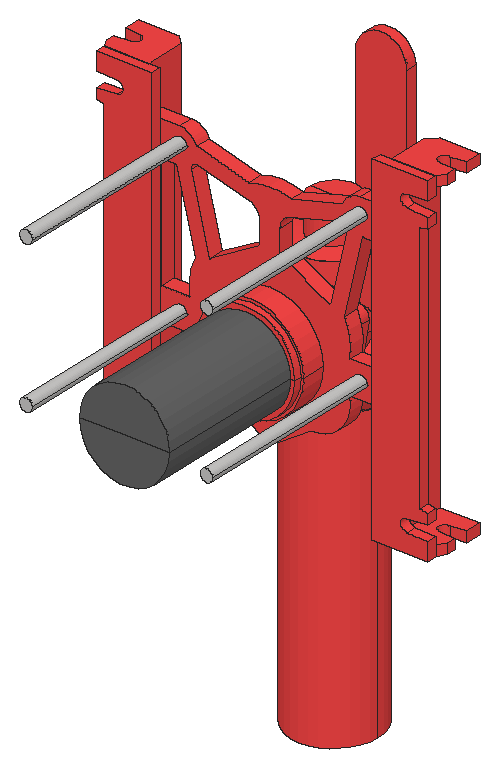
Revit family
Parameters (values of type "2" Vent - 4" Pipe")
  Vertical Pipe Nominal Radius = 2"
  Vertical Pipe Nominal Diameter = Vertical Pipe Nominal Radius * 2  # 4"
  Vent Nominal Radius = 1"
  Vent Nominal Diameter = Vent Nominal Radius * 2  # 2"
  Vent Flow = 0 GPM
  URL = "http://wadedrains.com/"
  Type Comments = ""
  Slope Adjustment = yes
  Side Waste Inlet Standard Radius = 2"
  Side Waste Inlet Standard Diameter = Side Waste Inlet Standard Radius * 2  # 4"
  Rough-In Height [instance] = 0' - 6 1/2"
  Plastic Nipple Material = Plastic - Tyler Pipe - Black
  Plastic Nipple Length = 0' - 7 1/2"
  Pipe Material = Metal - Tyler Pipe - Cast Iron
  Operating Weight = 135.00 lbf
  Model = "350-N2"
  Manufacturer = "Tyler Pipe / Wade Division"
  Main Out Flush = Flush Flow 1 + Vent Flow  # 0 GPM
  Flush Flow 1 = 0 GPM
  Description = "No-Hub vertical fixed single water closet carrier with universal foot supports, rear anchor foot, ABS plastic closet coupling with O-ring seal, fixture support studs, chrome plated cap nuts, neoprene bowl gasket, integral test cap and stud protectors. Conforms to ASME A112.6.1M (Up to 300Lbs.)"
  Bracket Material = Metal - Tyler Pipe - Cast Iron
  Bolt Material = Metal - Tyler Pipe - Stainless Steel
  Bolt Length = 0' - 9 73/128"
  Assembly Code = "D2030100"
Types (3): name | Vent Nominal Radius | Vent Nominal Diameter | Model
  (no name) | 1" | 2" | "350-N2"
  2" Vent - 4" Pipe | 1" | 2" | "350-N2"
  4" Vent - 4" Pipe | 2" | 4" | "350-N4"
Reference planes (in)
  plane 1 "Center (Front/Back)": y = 0
  plane 2: z = 0
  plane 3 "Center (Left/Right)": x = 0
  plane 4 "Rough-In": z = 6.5
  plane 5 "Top": z = 17
  plane 6 "Support Foot Left": x = -8.5
  plane 7 "Support Foot Right": x = 8.5
  plane 8 "Carrier Faceplate Front": y = -4.5
  plane 9 "Faceplate Front": y = -4
  plane 10: x = -8.25
  plane 11: x = 8.25
  plane 12 "Bolts Left": x = -4.5
  plane 13 "Bolts Right": x = 4.5
  plane 14 "Bolts Front": y = -13.57031
  plane 15 "O": x = -1.5
  plane 16 "Vent": x = 4
  plane 17 "V": z = 11.50528
  plane 18: z = 16.5
  plane 19: z = 0.5
  plane 20: x = -6.49997
  plane 21: x = 6.51229
  plane 22: z = 6.5
  plane 23 "Bolts Front Back": y = -2.98803
  plane 24 "Side Inlet Front": y = -13.06327
  plane 25: y = -5.56327
  plane 26 "Vent Height": z = 11.5
  plane 27 "Back Support": y = 2.375
  plane 28: x = -1
Forms (in)
  Extrusion 1, solid, material "Metal - Tyler Pipe - Cast Iron" <- "Bracket Material", detail levels fine
    sketch origin (0, -4.5, 0) x (-1, 0, 0) y (0, 0, -1)
      loop
        line (8.25001, 0) -> (5.49997, 0) -> (5.49997, -16.99997) -> (8.25001, -16.99997) -> (8.25001, -16.11913) -> (7.22821, -16.05642)
        arc (7.22821, -16.05642) -> (6.91647, -15.74468) -> (7.22821, -15.43294) r 0.31174
        line (7.22821, -15.43294) -> (8.24998, -15.37024) -> (8.24998, -14.86967) -> (7.875, -14.7692) -> (7.875, -2.22548) -> (8.24998, -2.12501) -> (8.24998, -1.62445) -> (7.22821, -1.56174)
        arc (7.22821, -1.56174) -> (6.91647, -1.25) -> (7.22821, -0.93826) r 0.31174
        line (7.22821, -0.93826) -> (8.25001, -0.87555) -> (8.25001, 0)
      loop
        line (-5.49997, -16.99997) -> (-5.49997, 0) -> (-8.25001, 0) -> (-8.25001, -0.87555) -> (-7.22821, -0.93826)
        arc (-7.22821, -0.93826) -> (-6.91647, -1.25) -> (-7.22821, -1.56174) r 0.31174
        line (-7.22821, -1.56174) -> (-8.24998, -1.62445) -> (-8.24998, -2.12501) -> (-7.875, -2.22548) -> (-7.875, -14.7692) -> (-8.24998, -14.86967) -> (-8.24998, -15.37024) -> (-7.22821, -15.43294)
        arc (-7.22821, -15.43294) -> (-6.91647, -15.74468) -> (-7.22821, -16.05642) r 0.31174
        line (-7.22821, -16.05642) -> (-8.25001, -16.11913) -> (-8.25001, -16.99997) -> (-5.49997, -16.99997)
    from 0 to -0.5
  Extrusion 2, solid, material "Metal - Tyler Pipe - Cast Iron" <- "Bracket Material", detail levels fine
    sketch origin (0, 0, 0) x (1, 0, 0) y (0, 1, 0)
      loop
        line (-8.49998, -3.5625) -> (-8.25001, -4) -> (-6.06247, -4) -> (-6.06247, -2) -> (-6.49997, -1.5625) -> (-8.49998, -1.5625) -> (-8.49998, -2.375) -> (-7.72446, -2.43854)
        arc (-7.72446, -2.43854) -> (-7.413, -2.75) -> (-7.72446, -3.06146) r 0.31146
        line (-7.72446, -3.06146) -> (-8.49998, -3.125) -> (-8.49998, -3.5625)
      loop
        line (6.06247, -2) -> (6.06247, -4) -> (8.25001, -4) -> (8.49998, -3.5625) -> (8.49998, -3.125) -> (7.72446, -3.06146)
        arc (7.72446, -3.06146) -> (7.413, -2.75) -> (7.72446, -2.43854) r 0.31146
        line (7.72446, -2.43854) -> (8.49998, -2.375) -> (8.49998, -1.5625) -> (6.49997, -1.5625) -> (6.06247, -2)
    from 0 to 17
  Extrusion 3, void
    sketch origin (0, 7, 0) x (-1, 0, 0) y (0, 0, 1)
      loop
        line (9.24754, 16.5) -> (6.49997, 16.5) -> (6.49997, 0.5) -> (9.24754, 0.5) -> (9.24754, 16.5)
      loop
        line (-9.39301, 16.5) -> (-9.39301, 0.5) -> (-6.51229, 0.5) -> (-6.51229, 16.5) -> (-9.39301, 16.5)
    from -13.5 to 0.5
  Extrusion 4, solid, material "Metal - Tyler Pipe - Cast Iron" <- "Bracket Material", detail levels fine
    sketch origin (0, -4, 0) x (-1, 0, 0) y (0, 0, -1)
      loop
        line (1.05485, -13.43221) -> (3.64749, -14.15239)
        arc (3.64749, -14.15239) -> (3.97944, -14.58572) -> (4.5, -14.75) r 0.90687
        line (4.5, -14.75) -> (6.06247, -14.75) -> (6.06247, -5.6875) -> (3.97787, -5.6875)
        arc (3.97787, -5.6875) -> (3.56806, -4.08686) -> (2.04679, -3.44209) r 1.86226
        line (2.04679, -3.44209) -> (0.50766, -2.41188)
        arc (0.50766, -2.41188) -> (0, -2.25766) -> (-0.50766, -2.41188) r 0.91266
        line (-0.50766, -2.41188) -> (-2.04679, -3.44209)
        arc (-2.04679, -3.44209) -> (-3.56806, -4.08686) -> (-3.97787, -5.6875) r 1.86226
        line (-3.97787, -5.6875) -> (-6.06247, -5.6875) -> (-6.06247, -14.75) -> (-4.5, -14.75)
        arc (-4.5, -14.75) -> (-3.97944, -14.58572) -> (-3.64749, -14.15239) r 0.90687
        line (-3.64749, -14.15239) -> (-1.05485, -13.43221)
        arc (-1.05485, -13.43221) -> (0, -13.62688) -> (1.05485, -13.43221) r 2.95527
      loop
        line (1.04927, -12.65226) -> (3.57847, -13.35482)
        arc (3.57847, -13.35482) -> (3.81894, -13.29388) -> (3.88852, -13.05577) r 0.25
        line (3.88852, -13.05577) -> (3.00585, -9.36621) -> (0.5, -10.79618) -> (0.5, -11.92963)
        arc (0.5, -11.92963) -> (0.6529, -12.38347) -> (1.04927, -12.65226) r 0.75
      loop
        line (-3.57847, -13.35482) -> (-1.04927, -12.65226)
        arc (-1.04927, -12.65226) -> (-0.6529, -12.38347) -> (-0.5, -11.92963) r 0.75
        line (-0.5, -11.92963) -> (-0.5, -10.79618) -> (-3.00585, -9.36621) -> (-3.88852, -13.05577)
        arc (-3.88852, -13.05577) -> (-3.81894, -13.29388) -> (-3.57847, -13.35482) r 0.25
      loop
        line (4.64879, -13.01021) -> (5.375, -13.01021) -> (5.375, -7.3125) -> (3.97787, -7.3125)
        arc (3.97787, -7.3125) -> (3.98966, -8.24341) -> (3.72169, -9.13499) r 3.068
        line (3.72169, -9.13499) -> (4.64879, -13.01021)
      loop
        line (-3.97787, -7.3125) -> (-5.375, -7.3125) -> (-5.375, -13.01021) -> (-4.64879, -13.01021) -> (-3.72169, -9.13499)
        arc (-3.72169, -9.13499) -> (-3.98966, -8.24341) -> (-3.97787, -7.3125) r 3.068
    from 0 to -0.75
  Revolve 5, solid, material "Metal - Tyler Pipe - Cast Iron" <- "Pipe Material", detail levels fine
    sketch origin (0, 0, 6.5) x (-1, 0, 0) y (0, -1, 0)
      loop
        line (0, 4) -> (2.64908, 4) -> (2.64908, 5.21875) -> (2.5, 5.21875) -> (2.5, 5.56327) -> (0, 5.56327) -> (0, 4)
      loop
        line (2.67882, 2.45414) -> (0, 2.45414) -> (0, 0) -> (2.20178, 0) -> (2.67882, 2.45414)
      loop
        line (0.5, -2.9375) -> (0.5, -1.24644) -> (0, -1.24644) -> (0, -2.9375) -> (0.5, -2.9375)
      axis (0, -2.9375) -> (0, 5.56327)
    angle from 0 to 360
  Extrusion 6, solid, material "Metal - Tyler Pipe - Stainless Steel" <- "Bolt Material", detail levels fine
    sketch origin (0, -4, 0) x (-1, 0, 0) y (0, 0, -1)
      loop
        circle (4.5, -14) r 0.3125
      loop
        circle (4.5, -6.5) r 0.3125
      loop
        circle (-4.5, -14) r 0.3125
      loop
        circle (-4.5, -6.5) r 0.3125
    from 9.57031 to -1.01197
  Revolve 7, solid, material "Plastic - Tyler Pipe - Black" <- "Plastic Nipple Material", detail levels medium+fine
    sketch origin (0, 0, 6.5) x (-1, 0, 0) y (0, -1, 0)
      loop
        line (0, 3.25) -> (0, 13.06327) -> (-2.25, 13.06327) -> (-2.25, 3.25) -> (0, 3.25)
      axis (0, 3.25) -> (0, 13.06327)
    angle from 0 to 360
  Extrusion 8, solid, material "Metal - Tyler Pipe - Cast Iron" <- "Bracket Material", detail levels medium
    sketch origin (0, 0, 4.53516) x (-1, 0, 0) y (0, -1, 0)
      loop
        line (8.5, 4.5) -> (-8.5, 4.5) -> (-8.5, 1.5625) -> (8.5, 1.5625) -> (8.5, 4.5)
    from 12.46484 to -4.53516
  Extrusion 9, solid, material "Metal - Tyler Pipe - Cast Iron" <- "Pipe Material", detail levels fine
    sketch origin (0, -4, 0) x (-1, 0, 0) y (0, 0, -1)
      loop
        arc (3.21922, -8.83879) -> (3.57052, -8.6474) -> (3.66903, -8.25966) r 0.5
        line (3.66903, -8.25966) -> (3.36716, -6.42169)
        arc (3.36716, -6.42169) -> (3.28184, -6.24477) -> (3.11422, -6.14238) r 0.34747
        line (3.11422, -6.14238) -> (2.72277, -6.03749) -> (0.57094, -3.80688) -> (0.37728, -3.08414)
        arc (0.37728, -3.08414) -> (0, -2.79464) -> (-0.37728, -3.08414) r 0.39059
        line (-0.37728, -3.08414) -> (-0.57094, -3.80688) -> (-2.72277, -6.03749) -> (-3.11422, -6.14238)
        arc (-3.11422, -6.14238) -> (-3.28184, -6.24477) -> (-3.36716, -6.42169) r 0.34747
        line (-3.36716, -6.42169) -> (-3.66903, -8.25966)
        arc (-3.66903, -8.25966) -> (-3.57052, -8.6474) -> (-3.21922, -8.83879) r 0.5
        line (-3.21922, -8.83879) -> (-0.23968, -9.09947)
        arc (-0.23968, -9.09947) -> (0, -9.10993) -> (0.23968, -9.09947) r 2.75
        line (0.23968, -9.09947) -> (3.21922, -8.83879)
    from -0.75 to -1.54586
  Extrusion 10, solid, material "Metal - Tyler Pipe - Cast Iron" <- "Bracket Material", detail levels fine
    sketch origin (0, 0, 0) x (1, 0, 0) y (0, 1, 0)
      loop
        line (-1.28125, 2.9375) -> (1.28125, 2.9375) -> (1.28125, 5) -> (0.375, 5) -> (0.31146, 4.22448)
        arc (0.31146, 4.22448) -> (0, 3.91302) -> (-0.31146, 4.22448) r 0.31146
        line (-0.31146, 4.22448) -> (-0.375, 5) -> (-1.28125, 5) -> (-1.28125, 2.9375)
    from 0 to 0.5
  Revolve 11, solid, material "Metal - Tyler Pipe - Cast Iron" <- "Pipe Material", detail levels medium+fine
    sketch origin (0, 0, 0) x (1, 0, 0) y (0, 0, 1)
      loop
        line (-4.0625, 4.625) -> (-4.0625, 3.5) -> (-2.80213, 3.5) -> (-2.13271, 2.83058)
        arc (-2.13271, 2.83058) -> (-1.91123, 2.70189) -> (-1.65508, 2.69977) r 0.5
        arc (-1.65508, 2.69977) -> (-0.93431, 3.00222) -> (-0.33165, 3.5) r 2.67669
        line (-0.33165, 3.5) -> (0.33165, 3.5)
        arc (0.33165, 3.5) -> (0.93431, 3.00222) -> (1.65508, 2.69977) r 2.67669
        arc (1.65508, 2.69977) -> (1.91123, 2.70189) -> (2.13271, 2.83058) r 0.5
        line (2.13271, 2.83058) -> (2.80213, 3.5) -> (4.0625, 3.5) -> (4.0625, 4.625) -> (-4.0625, 4.625)
      axis (-4.0625, 4.625) -> (4.0625, 4.625)
    angle from 0 to 360
  Extrusion 12, solid, material "Metal - Tyler Pipe - Cast Iron" <- "Pipe Material", detail levels fine
    sketch origin (0, 0, 0) x (1, 0, 0) y (0, 0, 1)
      loop
        line (-1.28125, 0.5) -> (1.28125, 0.5) -> (1.28125, 16.21875)
        arc (1.28125, 16.21875) -> (0, 17.5) -> (-1.28125, 16.21875) r 1.28125
        line (-1.28125, 16.21875) -> (-1.28125, 0.5)
    from -2.9375 to -3.46577
  Revolve 13, solid, material "Metal - Tyler Pipe - Cast Iron" <- "Pipe Material", detail levels medium+fine
    sketch origin (0, 0, 0) x (1, 0, 0) y (0, 0, 1)
      loop
        line (-2.1875, -12) -> (0, -12) -> (0, 11.5) -> (-1.1875, 11.5) -> (-1.1875, 9.88755) -> (-2.1875, 9.75) -> (-2.1875, -12)
      axis (0, 11.5) -> (0, -12)
    angle from 0 to 360
Cuts and joins
  Extrusion 3 cuts Extrusion 2
Lines and regions (in)
  model lines, detail levels coarse
    curve 1: line (0, 0, 6.5) -> (0, -13.06327, 6.5)
    curve 2: line (0, 0, 11.5) -> (0, 0, -12)
    curve 3: line (-1, 0, 11.5) -> (1, 0, 11.5)
    curve 4: line (-2.1875, 0, -12) -> (2.1875, 0, -12)
Dimensions and locks (in)
  "Rough-In Height": plane 4 "Rough-In" to plane 2
  equal spacing: plane 7 "Support Foot Right", plane 3 "Center (Left/Right)", plane 6 "Support Foot Left"
  locked: plane 5 "Top" to plane 2 at 17
  plane 1 "Center (Front/Back)" to plane 8 "Carrier Faceplate Front" = 0' - 4 1/2"
  locked: plane 8 "Carrier Faceplate Front" to plane 9 "Faceplate Front" at 0.5
  locked: plane 10 to plane 6 "Support Foot Left" at 0.25
  locked: plane 11 to plane 7 "Support Foot Right" at 0.25
  plane 14 "Bolts Front" to plane 1 "Center (Front/Back)" = 1' - 1 73/128"
  "Bolt Length": plane 14 "Bolts Front" to plane 9 "Faceplate Front"
  equal spacing: plane 12 "Bolts Left", plane 3 "Center (Left/Right)", plane 13 "Bolts Right"
  locked: plane 12 "Bolts Left" to plane 13 "Bolts Right" at 9
  plane 15 "O" to plane 3 "Center (Left/Right)" = 0' - 1 1/2"
  locked: plane 3 "Center (Left/Right)" to plane 16 "Vent" at 4
  locked: plane 5 "Top" to plane 18 at 0.5
  locked: plane 19 to level at 0.5
  locked: Extrusion 6 sketch curve to plane 22 at 7.5  (x2)
  locked: plane 9 "Faceplate Front" to plane 23 "Bolts Front Back" at 1.01197
  locked: plane 25 to plane 8 "Carrier Faceplate Front" at 1.06327
  "Plastic Nipple Length": plane 24 "Side Inlet Front" to plane 25
  locked: plane 8 "Carrier Faceplate Front" to Extrusion 8 sketch curve at 2.9375
  plane 9 "Faceplate Front" to plane 27 "Back Support" = 0' - 6 3/8"
  plane 9 "Faceplate Front" to plane 1 "Center (Front/Back)" = 0' - 4"
  locked: Extrusion 4 sketch curve to plane 4 "Rough-In" at 8.25  (x2)
  locked: Extrusion 4 sketch curve to plane 4 "Rough-In" at 6.51021  (x2)
  locked: Extrusion 4 sketch curve to plane 4 "Rough-In" at 0.8125  (x2)
  locked: plane 4 "Rough-In" to Extrusion 4 sketch curve at 0.8125  (x2)
  locked: Extrusion 4 sketch curve to plane 4 "Rough-In" at 7.34313  (x2)
  locked: Extrusion 4 sketch curve to plane 4 "Rough-In" at 6.61394  (x2)
  locked: Extrusion 4 sketch curve to plane 4 "Rough-In" at 5.42963  (x2)
  locked: Extrusion 4 sketch curve to plane 4 "Rough-In" at 4.17161
  locked: Extrusion 4 sketch curve to plane 4 "Rough-In" at 1.31636  (x2)
  locked: plane 4 "Rough-In" to Extrusion 4 sketch curve at 1.19887  (x2)
  locked: plane 4 "Rough-In" to Extrusion 4 sketch curve at 3.32968
  locked: Extrusion 4 sketch curve to plane 4 "Rough-In" at 7.65239  (x2)
  locked: plane 4 "Rough-In" to Extrusion 4 sketch curve at 4.08812  (x2)
  locked: plane 26 "Vent Height" to plane 4 "Rough-In" at 5
  locked: Extrusion 9 sketch curve to plane 4 "Rough-In" at 1.84069  (x2)
  locked: plane 4 "Rough-In" to Extrusion 9 sketch curve at 0.02199  (x2)
  locked: plane 4 "Rough-In" to Extrusion 9 sketch curve at 0.14007
  locked: plane 4 "Rough-In" to Extrusion 9 sketch curve at 3.31477
  locked: plane 4 "Rough-In" to Revolve 11 sketch curve at 1.875
  locked: plane 3 "Center (Left/Right)" to Revolve 11 sketch curve at 4.0625  (x2)
  locked: Revolve 11 sketch curve to Revolve 11 sketch curve at 1.125  (x2)
  locked: Revolve 11 sketch curve to Revolve 11 sketch curve at 1.44087  (x2)
  locked: Revolve 11 sketch curve to Revolve 11 sketch curve at 0.66774  (x2)
  locked: Extrusion 12 sketch curve to Extrusion 12 sketch curve at 15.71875
  locked: Revolve 13 sketch curve to Revolve 13 sketch curve at 2.1875
  locked: plane 26 "Vent Height" to Revolve 13 sketch curve at 1.75
  "Vent Nominal Radius": plane 3 "Center (Left/Right)" to plane 28
  locked: plane 28 to Revolve 13 sketch curve at 0.1875  (x2)
  locked: plane 26 "Vent Height" to Revolve 13 sketch curve at 23.5
  locked: curve 2 to curve 2 at 23.5
  "Vent Nominal Radius": plane 3 "Center (Left/Right)" to curve 3
  "Vent Nominal Radius": curve 3 to plane 3 "Center (Left/Right)"
  locked: plane 26 "Vent Height" to Revolve 13 sketch curve at 1.61245
  aligned and locked: level to plane 2
  aligned and locked: Extrusion 1 to plane 9 "Faceplate Front"
  aligned and locked: plane 8 "Carrier Faceplate Front" to Extrusion 1
  aligned and locked: plane 5 "Top" to Extrusion 2
  aligned and locked: Extrusion 2 to level
  aligned and locked: Revolve 5 sketch curve to plane 3 "Center (Left/Right)"
  aligned and locked: plane 4 "Rough-In" to plane 22
  aligned and locked: plane 22 to Extrusion 6 sketch curve
  aligned and locked: Extrusion 6 sketch curve to plane 22
  aligned and locked: Extrusion 6 to plane 14 "Bolts Front"
  aligned and locked: plane 23 "Bolts Front Back" to Extrusion 6
  aligned and locked: plane 24 "Side Inlet Front" to Revolve 7 sketch curve
  aligned and locked: Revolve 7 sketch curve to plane 3 "Center (Left/Right)"
  aligned and locked: Revolve 7 sketch curve to Extrusion 4
  aligned and locked: Extrusion 8 sketch curve to plane 7 "Support Foot Right"
  aligned and locked: Extrusion 8 sketch curve to plane 6 "Support Foot Left"
  aligned and locked: plane 8 "Carrier Faceplate Front" to Extrusion 8 sketch curve
  aligned and locked: plane 5 "Top" to Extrusion 8
  aligned and locked: Extrusion 8 to level
  aligned and locked: Extrusion 9 to Extrusion 4
  aligned and locked: plane 24 "Side Inlet Front" to curve 1
  aligned and locked: curve 1 to plane 3 "Center (Left/Right)"
  aligned and locked: curve 2 to plane 3 "Center (Left/Right)"
  aligned: plane 27 "Back Support" to Extrusion 9
  aligned and locked: Extrusion 12 sketch curve to plane 19
  aligned and locked: Revolve 13 sketch curve to plane 3 "Center (Left/Right)"
  aligned and locked: plane 26 "Vent Height" to curve 2
  aligned and locked: curve 3 to plane 26 "Vent Height"
  aligned and locked: curve 4 to curve 2
Automatic sketch dimensions
  Extrusion 1 sketch curve to level = 0' - 0"  (x2)
  plane 11 to Extrusion 1 sketch curve = 0' - 0"  (x2)
  Extrusion 1 sketch curve to plane 11 = 0' - 0"  (x2)
  Extrusion 1 sketch curve to plane 11 = 0' - 0 3/8"
  Extrusion 1 sketch curve to plane 21 = 0' - 0.71591"  (x2)
  plane 5 "Top" to Extrusion 1 sketch curve = 0' - 0.00003"  (x2)
  plane 13 "Bolts Right" to Extrusion 1 sketch curve = 0' - 0.99997"
  plane 12 "Bolts Left" to Extrusion 1 sketch curve = 0' - 0.99997"
  plane 20 to Extrusion 1 sketch curve = 0' - 0.72823"  (x2)
  Extrusion 1 sketch curve to plane 19 = 0' - 0.43826"  (x2)
  Extrusion 1 sketch curve to plane 10 = 0' - 0 3/8"
  Extrusion 1 sketch curve to plane 10 = 0' - 0"  (x2)
  plane 10 to Extrusion 1 sketch curve = 0' - 0"  (x2)
  Extrusion 1 sketch curve to plane 19 = 0' - 0.37555"  (x2)
  Extrusion 1 sketch curve to Extrusion 1 sketch curve = 0' - 0.31174"  (x4)
  Extrusion 1 sketch curve to Extrusion 1 sketch curve = 0' - 0.7489"  (x2)
  Extrusion 1 sketch curve to Extrusion 1 sketch curve = 0' - 0.50056"  (x4)
  Extrusion 1 sketch curve to Extrusion 1 sketch curve = 0' - 0.10047"  (x4)
  plane 18 to Extrusion 1 sketch curve = 0' - 1.7308"  (x2)
  Extrusion 1 sketch curve to Extrusion 1 sketch curve = 0' - 0.66374"  (x2)
  plane 18 to Extrusion 1 sketch curve = 0' - 0.38087"  (x2)
  plane 9 "Faceplate Front" to Extrusion 2 sketch curve = 0' - 0"  (x2)
  Extrusion 2 sketch curve to plane 20 = 0' - 0"
  plane 10 to Extrusion 2 sketch curve = 0' - 0.52554"
  Extrusion 2 sketch curve to plane 10 = 0' - 0"
  plane 6 "Support Foot Left" to Extrusion 2 sketch curve = 0' - 0.00002"  (x2)
  plane 20 to Extrusion 2 sketch curve = 0' - 0 7/16"
  Extrusion 2 sketch curve to plane 21 = 0' - 0.44982"
  Extrusion 2 sketch curve to plane 21 = 0' - 0.01232"
  plane 23 "Bolts Front Back" to Extrusion 2 sketch curve = 0' - 0.23803"  (x2)
  plane 11 to Extrusion 2 sketch curve = 0' - 0.52554"
  Extrusion 2 sketch curve to plane 11 = 0' - 0"
  plane 7 "Support Foot Right" to Extrusion 2 sketch curve = 0' - 0.00002"  (x2)
  Extrusion 2 sketch curve to plane 9 "Faceplate Front" = 0' - 0 7/16"  (x2)
  Extrusion 2 sketch curve to plane 23 "Bolts Front Back" = 0' - 0.13697"  (x2)
  Extrusion 2 sketch curve to plane 23 "Bolts Front Back" = 0' - 0.07343"  (x2)
  plane 23 "Bolts Front Back" to Extrusion 2 sketch curve = 0' - 0.61303"  (x2)
  plane 23 "Bolts Front Back" to Extrusion 2 sketch curve = 0' - 0.98803"  (x2)
  Extrusion 2 sketch curve to Extrusion 2 sketch curve = 0' - 0 13/16"  (x2)
  Extrusion 3 sketch curve to plane 19 = 0' - 0"  (x2)
  Extrusion 3 sketch curve to plane 18 = 0' - 0"  (x2)
  Extrusion 3 sketch curve to plane 21 = 0' - 0"
  Extrusion 3 sketch curve to plane 20 = 0' - 0"
  Extrusion 3 sketch curve to plane 7 "Support Foot Right" = 0' - 0.89301"
  Extrusion 3 sketch curve to plane 6 "Support Foot Left" = 0' - 0.74754"
  plane 13 "Bolts Right" to Extrusion 6 sketch curve = 0' - 0"  (x2)
  Extrusion 6 sketch curve to plane 12 "Bolts Left" = 0' - 0"  (x2)
  Revolve 7 sketch curve to plane 3 "Center (Left/Right)" = 0' - 0"
  Revolve 7 sketch curve to plane 16 "Vent" = 0' - 1 3/4"
  plane 14 "Bolts Front" to Revolve 7 sketch curve = 0' - 0.05528"
  plane 27 "Back Support" to Revolve 7 sketch curve = 0' - 11.64912"
  plane 13 "Bolts Right" to Extrusion 4 sketch curve = 0' - 0"
  Extrusion 4 sketch curve to plane 3 "Center (Left/Right)" = 0' - 0"  (x2)
  Extrusion 4 sketch curve to plane 12 "Bolts Left" = 0' - 0"
  plane 13 "Bolts Right" to Extrusion 4 sketch curve = 0' - 0.14879"
  plane 21 to Extrusion 4 sketch curve = 0' - 0.44982"
  plane 16 "Vent" to Extrusion 4 sketch curve = 0' - 0.02213"  (x2)
  plane 16 "Vent" to Extrusion 4 sketch curve = 0' - 0.11148"
  plane 16 "Vent" to Extrusion 4 sketch curve = 0' - 0.27831"
  Extrusion 4 sketch curve to Extrusion 4 sketch curve = 0' - 0.24314"  (x2)
  Extrusion 4 sketch curve to Extrusion 4 sketch curve = 0' - 0.06691"  (x2)
  Extrusion 4 sketch curve to Extrusion 4 sketch curve = 0' - 0.71585"  (x2)
  Extrusion 4 sketch curve to Extrusion 4 sketch curve = 0' - 0.10934"
  Extrusion 4 sketch curve to plane 3 "Center (Left/Right)" = 0' - 1 1/4"
  Extrusion 4 sketch curve to plane 3 "Center (Left/Right)" = 0' - 1.05485"
  Extrusion 4 sketch curve to Extrusion 4 sketch curve = 0' - 0.20073"
  Extrusion 4 sketch curve to plane 3 "Center (Left/Right)" = 0' - 0.95153"
  Extrusion 4 sketch curve to plane 3 "Center (Left/Right)" = 0' - 0.50766"
  Extrusion 4 sketch curve to plane 3 "Center (Left/Right)" = 0' - 0 1/2"
  plane 3 "Center (Left/Right)" to Extrusion 4 sketch curve = 0' - 0 1/2"
  Extrusion 4 sketch curve to plane 15 "O" = 0' - 0.54847"
  Extrusion 4 sketch curve to plane 15 "O" = 0' - 0.45073"
  Extrusion 4 sketch curve to plane 15 "O" = 0' - 0.44515"
  Extrusion 4 sketch curve to plane 15 "O" = 0' - 0 1/4"
  plane 15 "O" to Extrusion 4 sketch curve = 0' - 0.54679"
  plane 15 "O" to Extrusion 4 sketch curve = 0' - 0.65613"
  Extrusion 4 sketch curve to plane 12 "Bolts Left" = 0' - 1.49415"
  Extrusion 4 sketch curve to Extrusion 4 sketch curve = 0' - 0.06901"
  Extrusion 4 sketch curve to plane 12 "Bolts Left" = 0' - 0.52213"  (x2)
  plane 12 "Bolts Left" to Extrusion 4 sketch curve = 0' - 0.14879"
  Extrusion 4 sketch curve to plane 20 = 0' - 0 7/16"
  Extrusion 4 sketch curve to Extrusion 4 sketch curve = 0' - 1.03021"
  Extrusion 4 sketch curve to Extrusion 4 sketch curve = 0' - 0.23122"  (x2)
  Extrusion 4 sketch curve to Extrusion 4 sketch curve = 0' - 0.12458"  (x2)
  Extrusion 4 sketch curve to Extrusion 4 sketch curve = 0' - 0.04557"  (x2)
  Extrusion 4 sketch curve to Extrusion 4 sketch curve = 0' - 0.77995"
  Extrusion 9 sketch curve to plane 7 "Support Foot Right" = 0' - 4.83097"
  Extrusion 9 sketch curve to Extrusion 9 sketch curve = 0' - 0.30187"
  Extrusion 9 sketch curve to Extrusion 9 sketch curve = 0' - 0.44981"
  Extrusion 9 sketch curve to Extrusion 9 sketch curve = 0' - 0.49339"  (x2)
  Extrusion 9 sketch curve to Extrusion 9 sketch curve = 0' - 0.25295"
  Extrusion 9 sketch curve to Extrusion 9 sketch curve = 0' - 0.34288"  (x2)
  Extrusion 9 sketch curve to Extrusion 9 sketch curve = 0' - 0.39145"
  Extrusion 9 sketch curve to Extrusion 9 sketch curve = 0' - 0.19366"  (x2)
  Extrusion 9 sketch curve to Extrusion 9 sketch curve = 0' - 0.37728"  (x2)
  Extrusion 9 sketch curve to Extrusion 9 sketch curve = 0' - 0.47936"
  Extrusion 9 sketch curve to Extrusion 9 sketch curve = 0' - 0.30151"
  Extrusion 9 sketch curve to Extrusion 9 sketch curve = 0' - 0.08993"
  Extrusion 9 sketch curve to Extrusion 9 sketch curve = 0' - 0.15136"
  Extrusion 9 sketch curve to Extrusion 9 sketch curve = 0' - 0.04358"
  Extrusion 9 sketch curve to Extrusion 9 sketch curve = 0' - 0.10109"
  Extrusion 9 sketch curve to Extrusion 9 sketch curve = 0' - 0.72274"  (x2)
  Extrusion 9 sketch curve to Extrusion 9 sketch curve = 0' - 0.10489"  (x2)
  Extrusion 9 sketch curve to Extrusion 9 sketch curve = 0' - 0.27932"  (x2)
  Extrusion 9 sketch curve to Extrusion 9 sketch curve = 0' - 0.08103"  (x2)
  Extrusion 9 sketch curve to plane 3 "Center (Left/Right)" = 0' - 0"  (x2)
  plane 15 "O" to Extrusion 9 sketch curve = 0' - 1.22277"
  Extrusion 9 sketch curve to plane 3 "Center (Left/Right)" = 0' - 0.23968"
  plane 26 "Vent Height" to Extrusion 9 sketch curve = 0' - 2.40053"
  plane 1 "Center (Front/Back)" to curve 1 = 0' - 0"
  Revolve 11 sketch curve to plane 6 "Support Foot Left" = 0' - 1.23977"
  Revolve 11 sketch curve to Revolve 11 sketch curve = 0' - 1.26037"
  Revolve 11 sketch curve to plane 15 "O" = 0' - 0.27916"
  Revolve 11 sketch curve to plane 15 "O" = 0' - 0.15508"
  Revolve 11 sketch curve to Revolve 11 sketch curve = 0' - 0"  (x2)
  Revolve 11 sketch curve to plane 3 "Center (Left/Right)" = 0' - 0.33165"
  plane 3 "Center (Left/Right)" to Revolve 11 sketch curve = 0' - 0.33165"
  Revolve 11 sketch curve to Revolve 11 sketch curve = 0' - 1.32343"
  Revolve 11 sketch curve to Revolve 11 sketch curve = 0' - 0.12408"
  Revolve 11 sketch curve to Revolve 11 sketch curve = 0' - 0.47763"
  Revolve 11 sketch curve to Revolve 11 sketch curve = 0' - 0.66942"  (x2)
  Revolve 11 sketch curve to plane 7 "Support Foot Right" = 0' - 1.76023"
  Revolve 11 sketch curve to Revolve 11 sketch curve = 0' - 0.35355"
  Revolve 11 sketch curve to Revolve 11 sketch curve = 0' - 1 1/8"
  plane 13 "Bolts Right" to Extrusion 4 sketch curve = 0' - 0 7/8"
  plane 12 "Bolts Left" to Extrusion 4 sketch curve = 0' - 0 7/8"
  Revolve 5 sketch curve to plane 3 "Center (Left/Right)" = 0' - 0"  (x3)
  plane 1 "Center (Front/Back)" to Revolve 5 sketch curve = 0' - 0"
  plane 25 to Revolve 5 sketch curve = 0' - 0"
  plane 9 "Faceplate Front" to Revolve 5 sketch curve = 0' - 0"
  Revolve 5 sketch curve to plane 3 "Center (Left/Right)" = 0' - 0 1/2"
  Revolve 5 sketch curve to plane 15 "O" = 0' - 0.70178"
  Revolve 5 sketch curve to plane 25 = 0' - 0.34452"
  Revolve 5 sketch curve to plane 15 "O" = 0' - 1"
  Revolve 5 sketch curve to plane 15 "O" = 0' - 1.14908"
  plane 23 "Bolts Front Back" to Revolve 5 sketch curve = 0' - 0.53389"
  Revolve 5 sketch curve to plane 15 "O" = 0' - 1.17882"
  Revolve 5 sketch curve to plane 27 "Back Support" = 0' - 1.12856"
  Revolve 5 sketch curve to Revolve 5 sketch curve = 0' - 1.37346"
  plane 27 "Back Support" to Revolve 5 sketch curve = 0' - 0 9/16"
  Revolve 5 sketch curve to Revolve 5 sketch curve = 0' - 7.00077"
  Extrusion 10 sketch curve to plane 3 "Center (Left/Right)" = 0' - 0"
  Extrusion 10 sketch curve to Extrusion 10 sketch curve = 0' - 0.31146"
  Extrusion 10 sketch curve to plane 3 "Center (Left/Right)" = 0' - 0 3/8"
  plane 15 "O" to Extrusion 10 sketch curve = 0' - 0 7/32"
  plane 3 "Center (Left/Right)" to Extrusion 10 sketch curve = 0' - 0 3/8"
  plane 27 "Back Support" to Extrusion 10 sketch curve = 0' - 0 9/16"
  Extrusion 10 sketch curve to Extrusion 10 sketch curve = 0' - 0.77552"  (x2)
  plane 3 "Center (Left/Right)" to Extrusion 10 sketch curve = 0' - 1 9/32"
  Extrusion 10 sketch curve to Extrusion 10 sketch curve = 0' - 1.28698"
  Extrusion 12 sketch curve to plane 3 "Center (Left/Right)" = 0' - 0"
  plane 15 "O" to Extrusion 12 sketch curve = 0' - 0 7/32"
  Revolve 13 sketch curve to plane 26 "Vent Height" = 0' - 0"
  Revolve 13 sketch curve to plane 3 "Center (Left/Right)" = 0' - 0"
  Revolve 13 sketch curve to Revolve 13 sketch curve = 0' - 3"
  plane 5 "Top" to Revolve 13 sketch curve = 0' - 1 1/4"
  curve 4 to plane 15 "O" = 0' - 0 11/16"
  curve 4 to plane 16 "Vent" = 0' - 1 13/16"
  radius of Extrusion 6 sketch curve = 0' - 0 5/16"  (x4)
Connectors (in)
  piping at (0, 0, -12), driven by "Main Out Flush", driven by "Vertical Pipe Nominal Radius"
    settings: on Revolve 13, index 1, connector radius 2", flow factor 0, pipe flow 0 GPM, pressure drop 0.00 psi, fitting loss kfactor 0, connector angle 0.00°, fixture units 0, flow configuration 0, flow direction 2, fitting loss method 0, system type 16, connector reference index 2, connector utility 0, adjustable connector no, is connector primary yes, fitting loss table "", connector description "Sanitary outlet"
  piping at (0, -13.06327, 6.5), driven by "Flush Flow 1", driven by "Side Waste Inlet Standard Radius"
    settings: on Revolve 7, index 2, connector radius 2", flow factor 0, pipe flow 0 GPM, pressure drop 0.00 psi, fitting loss kfactor 0, connector angle 0.00°, fixture units 0, flow configuration 0, flow direction 1, fitting loss method 0, system type 16, connector reference index 1, connector utility 0, adjustable connector no, is connector primary no, fitting loss table "", connector description "Sanitary inlet"
  piping at (0, 0, 11.5), driven by "Vent Flow", driven by "Vent Nominal Radius"
    settings: on Revolve 13, index 3, connector radius 1", flow factor 0, pipe flow 0 GPM, pressure drop 0.00 psi, fitting loss kfactor 0, connector angle 0.00°, fixture units 0, flow configuration 0, flow direction 0, fitting loss method 0, system type 29, connector reference index -1, connector utility 0, adjustable connector no, is connector primary no, fitting loss table "", connector description "Vent"
